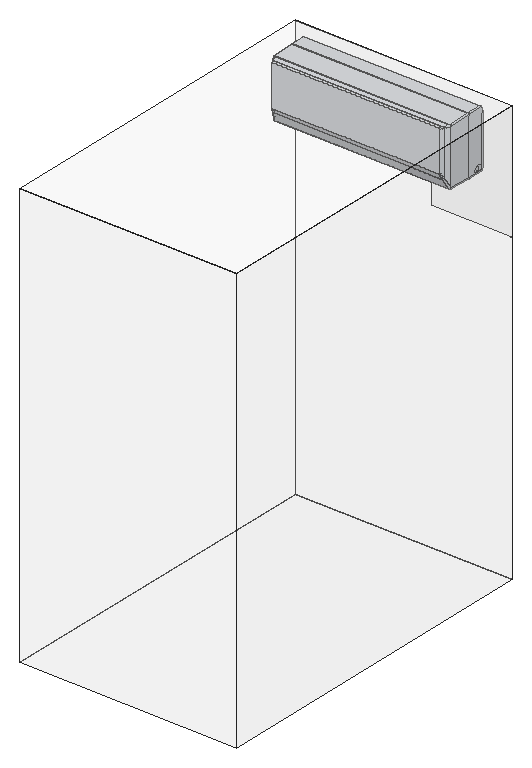
Revit family "pk-rp28_112laka18_50hz", category 機械設備, Revit 2019
Family settings
  丸型コネクタ寸法 = 直径を使用
  パーツ タイプ = 標準
  OmniClass 番号 = 23.75.10.24.21.27.27
  OmniClass タイトル = Split System Air Conditioning Units
  作業面ベース = いいえ
  常に垂直 = はい
  ロード時にボイドで切り取り = いいえ
  共有 = いいえ
  部屋計算ポイント = はい
Parameters (values of type "壁掛_PK-RP28LA2")
  風量_静 (m3/min) = 6.3
  風量_強 (m3/min) = 8.7
  風量_弱 (m3/min) = 7.3
  風量_中 (m3/min) = 8
  風量 = MAX風量  # 522.0 m³/h
  音響パワーレベル（静）(dB) = 45
  音響パワーレベル（弱）(dB) = 48
  音響パワーレベル（中）(dB) = 50
  音響パワーレベル(dB) = 52
  電源種別 = ""
  電源_H = 0 mm
  電圧_電気ヒーター = 0 V
  電圧 = 200 V
  電動機出力_送風機 = 0.03 kW
  運転質量 = 0.00 kg
  連動 = ""
  質量 = if(製品質量 > 運転質量, 製品質量, 運転質量) * 1.2  # 15.00 kg
  負荷分類 = 3_ファン類
  構成品番 = "PK-RP28LA"
  壁掛_PK-RP80_112KA17 = no
  壁掛_PK-RP56_71KA17 = no
  壁掛_PK-RP40_50LA = yes
  冷媒液管位置-Z = 280 mm
  冷媒液管位置-Y = 23 mm
  冷媒液管位置-X = 711 mm
  冷媒ガス管位置-Z = 268 mm
  冷媒ガス管位置-Y = 23 mm
  冷媒ガス管位置-X = 642 mm
  ドレン管径 (外径) = 22 mm
  ドレン位置-Z = 274 mm
  ドレン位置-Y = 37 mm
  ドレン位置-X = 660 mm
  サービススペース PK-RP56KA～PK-RP71KA = no
  サービススペース PK-RP40LA～PK-RP50LA / PK-RP80KA～PK-RP112KA = yes
  URL = "https://www.mitsubishielectric.co.jp/ldg/wink/ssl/displayProduct.do?pid=323474"
  Space Top = 50 mm
  Space Right_1 = 260 mm
  Space Right = 150 mm
  Space Left = 50 mm
  Space Bot_2 = 250 mm
  Space Bot_1 = 7 mm
  MIN２風量 = [風量_静 (m3/min)] * 60.0 m³/h  # 378.0 m³/h
  MIN風量 = [風量_弱 (m3/min)] * 60.0 m³/h  # 438.0 m³/h
  MID風量 = [風量_中 (m3/min)] * 60.0 m³/h  # 480.0 m³/h
  MAX風量 = [風量_強 (m3/min)] * 60.0 m³/h  # 522.0 m³/h
  説明 = "店舗・事務所用パッケージエアコン(Mr.SLIM) 壁掛形<ワイヤード>"
  設計暖房能力 = 0.00 kW
  設計冷房能力_顕熱 = 0 kW
  設計冷房能力 = 0 kW
  設置方法 = "壁掛形"
  記号 = ""
  製造元 = "三菱電機株式会社"
  製品質量 = 12.50 kg
  製品出荷対象 = "国内"
  製品リリース年月 = "2022/10/11"
  製品グループ = ""
  系統 = ""
  符号 = "PAC_WR"
  積算_科目 = "1 空気調和設備"
  積算_拾い区分 [instance] = ""
  相 = 1
  盤記号 = ""
  発停方法 = "付属スイッチ"
  特殊仕様 = ""
  火災停止 = ""
  消費電力_電気ヒーター = 0.00 kW
  消費電力_暖房 = 0.02 kW
  消費電力_加湿器 = 0.00 kW
  消費電力_冷房 = 0.03 kW
  消費電力 = if(消費電力_冷房 > 消費電力_暖房, 消費電力_冷房, 消費電力_暖房) + 消費電力_加湿器 + 消費電力_電気ヒーター  # 0.03 kW
  法定耐用年数 = "6"
  極数 = 1
  材質 = ""
  本体マテリアル = none
  有効加湿量 = 0
  暖房能力 = 2.80 kW
  推奨ブレーカー容量 = 0 A
  形式_加湿器 = ""
  形式 = "壁掛（露出）形"
  幹線記号 = ""
  始動方式 = "直入"
  呼称 = "室内機_壁掛（露出）形"
  周波数 = 50 Hz
  吊り位置Y = 0 mm
  吊り位置X = 0 mm
  吊りボルト_H = 0 mm
  台数_手元リモコン = ""
  台数_冷媒分岐ユニット = ""
  参照している仕様書等のバージョン = "公共建築工事標準仕様書（機械設備工事編）平成31年度版"
  加湿給水管径 = 0.00 mm
  分類コード = "50053003123070"
  分類グループ = ""
  冷房能力 = 2.5 kW
  冷媒高低圧ガス管径 = 0.00 mm
  冷媒管径符号 = "Ac"
  冷媒管径 = 100.00 mm
  冷媒液管径 = 6.35 mm
  冷媒ガス管径 = 12.70 mm
  企業コード = "108420"
  付属品_フィルター = ""
  付属品 = ""
  仕様書バージョン = "Version1.0"
  Model = ""
  パネルマテリアル = none
  ドレン管径 = 16.00 mm
  サービススペース = yes
  コメント [instance] = ""
  ケーブル種類 = ""
  ケーブルサイズ = 0 mm
  Width = 898 mm
  Uniclass2015Version = "Systems v1.9"
  Uniclass2015Title = "Split coil remote air cooled condensing units"
  Uniclass2015Code = "Pr_70_65_03_84"
  SpecificationReference = ""
  SpecificationDescription = ""
  S_H = 356 mm
  Revision = ""
  ProductInformation = ""
  OmniClassCode = "23-33 17 13 11"
  IfcTypeProduct = ""
  IfcProduct = ""
  IfcExportType = "AIRCONDITIONINGUNIT"
  IfcExportAs = "IfcUnitaryEquipmentType"
  Height = 299 mm
  Depth = 237 mm
  価格 = 212000
  Clearance Top = 50 mm
  Clearance Right = 150 mm
  Clearance Left = 50 mm
  Clearance Front = 1500 mm
  Clearance Bottom = 1800 mm
  Clearance Back = 0 mm
  Author = "三菱電機株式会社"
Reference planes
  plane 1 "中心(正面/背面)": y = 0
  plane 2: z = 11
  plane 3 "中心(左/右)": x = 0
  plane 4: x = -449
  plane 5: x = 449
  plane 6: z = -288
  plane 7: y = -242
  plane 8: y = -5
  plane 9: x = -211
  plane 10: x = -193
  plane 11: x = -262
  plane 12: y = -28
  plane 13: y = -28
  plane 14: y = -42
  plane 15: z = -269
  plane 16: z = -257
  plane 17: z = -263
  plane 18: z = 61
  plane 19: x = -499
  plane 20: x = 599
  plane 21: z = -295
  plane 22: z = -538
  plane 23: x = 189
  plane 24: y = -1742
  plane 25: z = -2088
  plane 26: x = -499
  plane 27: x = 599
  plane 28: y = -28
Forms (mm)
  Extrusion 1, solid, detail levels fine
    sketch origin (-88.875, 0, -1713) x (-1, 0, 0) y (0, 0, 1)
      loop
        line (-487.875, 1574) -> (-487.875, 1549) -> (-462.875, 1549) -> (-462.875, 1574) -> (-487.875, 1574)
    from -1 to 0
  Extrusion 2, solid, detail levels fine
    sketch origin (0, 0, 0) x (0, 1, 0) y (0, 0, 1)
      loop
        circle (-42, -263) r 11
    from 444 to 449
  Extrusion 3, solid, detail levels fine
    sketch origin (0, 0, 0) x (0, 1, 0) y (0, 0, 1)
      loop
        circle (-28, -263) r 15
    from 444 to 449
Dimensions and locks
  equal spacing: plane 5, plane 3 "中心(左/右)", plane 4
  "Width": plane 5 to plane 4
  "Height": level to plane 6
  locked: plane 8 to plane 1 "中心(正面/背面)" at 5
  "Depth": plane 7 to plane 8
  "ドレン位置-X": plane 5 to plane 9
  "冷媒ガス管位置-X": plane 5 to plane 10
  "冷媒液管位置-X": plane 5 to plane 11
  "ドレン位置-Y": plane 14 to plane 8
  "冷媒ガス管位置-Y": plane 13 to plane 8
  "冷媒液管位置-Y": plane 12 to plane 8
  "ドレン位置-Z": level to plane 17
  "冷媒ガス管位置-Z": level to plane 16
  "冷媒液管位置-Z": level to plane 15
  "Space Top": plane 18 to level
  "Space Left": plane 4 to plane 19
  "Space Right": plane 20 to plane 5
  "Space Bot_1": plane 6 to plane 21
  "Space Bot_2": plane 6 to plane 22
  "Space Right_1": plane 5 to plane 23
  equal spacing: plane 16, Extrusion 3 sketch curve, plane 15
  equal spacing: plane 12, Extrusion 3 sketch curve, plane 13
  locked: plane 5 to Extrusion 3 at 5
  "Clearance Front": plane 24 to plane 7
  "Clearance Bottom": plane 6 to plane 25
  "Clearance Left": plane 4 to plane 26
  "Clearance Right": plane 27 to plane 5
  plane 5 to Extrusion 1 sketch curve = 50 mm
  nested 3 to Extrusion 1 sketch curve = 150 mm
  "Clearance Top": nested 4 to plane 2
  "ドレン管径 (外径)": diameter of Extrusion 2 sketch curve
  aligned and locked: level to plane 2
  aligned and locked: plane 1 "中心(正面/背面)" to nested 1
  aligned and locked: plane 1 "中心(正面/背面)" to nested 2
  aligned and locked: plane 1 "中心(正面/背面)" to nested 3
  aligned and locked: level to nested 1
  aligned and locked: level to nested 3
  aligned and locked: plane 3 "中心(左/右)" to nested 2
  aligned and locked: plane 3 "中心(左/右)" to nested 1
  aligned and locked: plane 3 "中心(左/右)" to nested 3
  aligned and locked: plane 14 to Extrusion 2 sketch curve
  aligned and locked: plane 17 to Extrusion 2 sketch curve
  aligned and locked: plane 5 to Extrusion 3
  aligned and locked: plane 5 to Extrusion 2
  aligned and locked: Extrusion 3 to Extrusion 2
  aligned and locked: plane 1 "中心(正面/背面)" to nested 4
  aligned and locked: plane 24 to nested 4
  aligned and locked: plane 25 to nested 4
  aligned and locked: plane 26 to nested 4
  aligned and locked: plane 27 to nested 4
  aligned and locked: plane 18 to nested 4
  aligned and locked: plane 1 "中心(正面/背面)" to nested 5
  aligned and locked: plane 3 "中心(左/右)" to nested 5
  aligned and locked: plane 2 to nested 3
Automatic sketch dimensions
  Extrusion 1 sketch curve to plane 5 = 75 mm
  Extrusion 1 sketch curve to Extrusion 1 sketch curve = 25 mm
  radius of Extrusion 3 sketch curve = 15 mm
Nested families
  nested 1: "pk-rp40_50(la)ka17" at (0, 0, 10), type "壁掛_PK-RP40_50LA", detail levels fine
  nested 2: "pk-rp56_71(la)ka17" at (0, 0, 11), type "壁掛_PK-RP56_71KA17"
    with 壁掛_PK-RP56-71KA17 no
  nested 3: "pk-rp80_112(la)ka17" at (0, 0, 11), type "壁掛_PK-RP80_112KA17"
    with 壁掛_PK-RP80_112KA17 no, 冷媒液管径 6.35 mm, 冷媒ガス管径 12.70 mm
  nested 4: "サービススペース" at (50, -871, -1013.5), visible <- "サービススペース", type "サービススペース"
    with Width 1098 mm, Height 2149 mm, Depth 1742 mm
  nested 5: "Space View" at (0, 0, 11), Bot_1 <- "Space Bot_1", Bot_2 <- "Space Bot_2", Hight <- "Height", Left <- "Space Left", Right <- "Space Right", Right_1 <- "Space Right_1", Top <- "Space Top", Width <- "Width", Space View <- "サービススペース PK-RP40LA～PK-RP50LA / PK-RP80KA～PK-RP112KA", type "Space View"
    with Width 898 mm, Top 50 mm, Space View yes, Right_1 260 mm, Right 150 mm, Left 50 mm, Hight 299 mm, Bot_2 250 mm, Bot_1 7 mm
Connectors
  piping at (449, -42, -263), diameter 22, driven by "ドレン管径 (外径)"
    settings: on Extrusion 2, index 1, connector inside diameter 609.60 mm, connector length 0 mm, flow factor 0, pipe flow 0.0 L/s, pressure drop 0.0 Pa, fitting loss kfactor 0, connector angle 0.00°, fixture units 0, engagement length 0 mm, angle of deflection 0.00°, flow configuration 1, flow direction 2, fitting loss method 4, system type 16, joint type 0, gender type 0, connector reference index -1, connector utility 0, adjustable connector no, is connector primary yes, connector description ""
  piping at (449, -28, -263), diameter 100, driven by "冷媒管径", driven by "冷媒管径符号"
    settings: on Extrusion 3, index 2, connector inside diameter 609.60 mm, connector length 0 mm, flow factor 0, pipe flow 0.0 L/s, pressure drop 0.0 Pa, fitting loss kfactor 0, connector angle 0.00°, fixture units 0, engagement length 0 mm, angle of deflection 0.00°, flow configuration 1, flow direction 1, fitting loss method 4, system type 7, joint type 0, gender type 0, connector reference index -1, connector utility 0, adjustable connector no, is connector primary no, connector description "Ac"
  electrical at (386.5, 0, -151.5), driven by "極数", driven by "負荷分類", driven by "電圧", driven by "消費電力"
    settings: on Extrusion 1, index 3, voltage 200 V, apparent load 30 VA, apparent load phase1 0 VA, apparent load phase2 0 VA, apparent load phase3 0 VA, power factor 1, load classification "3_ファン類", number of poles 1, system type 30, power factor state 1, is connector primary yes, connector utility no, sub classification motor no, connector description ""
Definition of nested family "pk-rp40_50(la)ka17"
  Parameters (values of type "壁掛_PK-RP40_50LA")
    壁掛_PK-RP40_50LA = yes
    冷媒液管位置-Y = 37 mm
    冷媒液管位置-X = 711 mm
    冷媒ガス管位置-Y = 23 mm
    冷媒ガス管位置-X = 642 mm
    ドレン管径 (外径) = 22 mm
    ドレン位置-Y = 23 mm
    ドレン位置-X = 660 mm
    URL = ""
    Description = ""
    Manufacturer = ""
    冷媒管径符号 = "Ac"
    冷媒管径 = 100.00 mm
    冷媒液管位置-Z = 280 mm
    冷媒液管径 = 6.35 mm
    冷媒ガス管位置-Z = 268 mm
    冷媒ガス管径 = 12.70 mm
    Model = ""
    ドレン位置-Z = 274 mm
    ドレン管径 = 16.00 mm
    Width = 898 mm
    S_H = 356 mm
    Height = 299 mm
    Depth = 237 mm
    Cost = 0
  Reference planes
    plane 1 "中心(正面/背面)": y = 0
    plane 2: z = 1
    plane 3 "中心(左/右)": x = 0
    plane 4 "UNDER": z = -298
    plane 5 "Left": x = -449
    plane 6: x = 449
    plane 7 "Fkidasi_L": x = -400
    plane 8 "Fkidasi_X": x = -262
    plane 9 "Fkidasi_Y": x = -193
    plane 10: y = -5
    plane 11: y = -42
    plane 12: y = -242
    plane 13: z = -279
    plane 14: z = -267
    plane 15: z = -273
    plane 16: y = -28
    plane 17: y = -28
    plane 18: x = -211
    plane 19: z = 1
    plane 20: x = 0
    plane 21: x = 0
  Forms (mm)
    Extrusion 1, void, detail levels fine
      sketch origin (0, 75, -2499) x (0, -1, 0) y (0, 0, 1)
        loop
          line (89, 2500) -> (80, 2500) -> (80, 2487) -> (89, 2500)
      from 449 to -449
    Extrusion 2, solid, visible <- "壁掛_PK-RP40_50LA", detail levels fine
      sketch origin (0, 0, -2509.072) x (-1, 0, 0) y (0, 0, 1)
        loop
          line (449, 2485.072) -> (-449, 2485.072) -> (-449, 2224.072) -> (449, 2224.072) -> (449, 2485.072)
      from 0 to -5
    Extrusion 3, solid, visible <- "壁掛_PK-RP40_50LA", detail levels fine
      sketch origin (0, -5, -2499) x (0, 0, -1) y (-1, 0, 0)
        loop
          line (-2500, 444) -> (-2500, -444)
          arc (-2500, -444) -> (-2498.536, -447.536) -> (-2495, -449) r 5
          line (-2495, -449) -> (-2206, -449)
          arc (-2206, -449) -> (-2202.464, -447.536) -> (-2201, -444) r 5
          line (-2201, -444) -> (-2201, 444)
          arc (-2201, 444) -> (-2202.464, 447.536) -> (-2206, 449) r 5
          line (-2206, 449) -> (-2495, 449)
          arc (-2495, 449) -> (-2498.536, 447.536) -> (-2500, 444) r 5
      from 0 to -83
    Blend 4, solid, visible <- "壁掛_PK-RP40_50LA"
      base sketch origin (0, -202, -1799) x (0, 0, 1) y (1, 0, 0)
        loop
          line (1796, -444) -> (1796, 444)
          arc (1796, 444) -> (1794.536, 447.536) -> (1791, 449) r 5
          line (1791, 449) -> (1515, 449)
          arc (1515, 449) -> (1508.636, 446.364) -> (1506, 440) r 9
          line (1506, 440) -> (1506, -440)
          arc (1506, -440) -> (1508.636, -446.364) -> (1515, -449) r 9
          line (1515, -449) -> (1791, -449)
          arc (1791, -449) -> (1794.536, -447.536) -> (1796, -444) r 5
      top sketch origin (0, -202, -1799) x (0, 0, 1) y (1, 0, 0)
        loop
          line (1793, -427) -> (1793, 427)
          arc (1793, 427) -> (1791.536, 430.536) -> (1788, 432) r 5
          line (1788, 432) -> (1559, 432)
          arc (1559, 432) -> (1555.464, 430.536) -> (1554, 427) r 5
          line (1554, 427) -> (1554, -427)
          arc (1554, -427) -> (1555.464, -430.536) -> (1559, -432) r 5
          line (1559, -432) -> (1788, -432)
          arc (1788, -432) -> (1791.536, -430.536) -> (1793, -427) r 5
      from 0 to -25
    Blend 5, solid, visible <- "壁掛_PK-RP40_50LA", detail levels fine
      base sketch origin (0, -227, -1799) x (0, 0, 1) y (1, 0, 0)
        loop
          arc (1793, 427) -> (1791.536, 430.536) -> (1788, 432) r 5
          line (1788, 432) -> (1559, 432)
          arc (1559, 432) -> (1555.464, 430.536) -> (1554, 427) r 5
          line (1554, 427) -> (1554, -427)
          arc (1554, -427) -> (1555.464, -430.536) -> (1559, -432) r 5
          line (1559, -432) -> (1788, -432)
          arc (1788, -432) -> (1791.536, -430.536) -> (1793, -427) r 5
          line (1793, -427) -> (1793, 427)
      top sketch origin (0, -227, -1799) x (0, 0, 1) y (1, 0, 0)
        loop
          line (1793, -419) -> (1793, 419)
          arc (1793, 419) -> (1791.536, 422.536) -> (1788, 424) r 5
          line (1788, 424) -> (1590, 424)
          arc (1590, 424) -> (1586.464, 422.536) -> (1585, 419) r 5
          line (1585, 419) -> (1585, -419)
          arc (1585, -419) -> (1586.464, -422.536) -> (1590, -424) r 5
          line (1590, -424) -> (1788, -424)
          arc (1788, -424) -> (1791.536, -422.536) -> (1793, -419) r 5
      from 0 to -15
    Blend 6, solid, visible <- "壁掛_PK-RP40_50LA", detail levels fine
      base sketch origin (62.5, -88, -1799) x (0, 0, 1) y (1, 0, 0)
        loop
          arc (1800, 381.5) -> (1798.536, 385.036) -> (1795, 386.5) r 5
          line (1795, 386.5) -> (1506, 386.5)
          arc (1506, 386.5) -> (1502.464, 385.036) -> (1501, 381.5) r 5
          line (1501, 381.5) -> (1501, -506.5)
          arc (1501, -506.5) -> (1502.464, -510.036) -> (1506, -511.5) r 5
          line (1506, -511.5) -> (1795, -511.5)
          arc (1795, -511.5) -> (1798.536, -510.036) -> (1800, -506.5) r 5
          line (1800, -506.5) -> (1800, 381.5)
      top sketch origin (62.5, -88, -1799) x (0, 0, 1) y (1, 0, 0)
        loop
          line (1796, -506.5) -> (1796, 381.5)
          arc (1796, 381.5) -> (1794.536, 385.036) -> (1791, 386.5) r 5
          line (1791, 386.5) -> (1511, 386.5)
          arc (1511, 386.5) -> (1507.464, 385.036) -> (1506, 381.5) r 5
          line (1506, 381.5) -> (1506, -502.5)
          arc (1506, -502.5) -> (1508.636, -508.864) -> (1515, -511.5) r 9
          line (1515, -511.5) -> (1791, -511.5)
          arc (1791, -511.5) -> (1794.536, -510.036) -> (1796, -506.5) r 5
      from 0 to -114
    Sweep 7, solid, visible <- "壁掛_PK-RP40_50LA", detail levels fine
      path origin (0, 75, -1799) x (-1, 0, 0) y (0, 0, 1)
        loop
          line (262, 1521) -> (-271, 1521)
      profile origin (4.5, 75, -278) x (0, 0, -1) y (0, 1, 0)
        loop
          circle (1, -103) r 3.175
    Sweep 8, solid, visible <- "壁掛_PK-RP40_50LA", detail levels fine
      path origin (0, 75, -1799) x (-1, 0, 0) y (0, 0, 1)
        loop
          line (-257, 1533) -> (193, 1533)
      profile origin (32, 75, -266) x (0, 0, 1) y (0, 1, 0)
        loop
          circle (-1, -103) r 6.35
    Sweep 9, solid, visible <- "壁掛_PK-RP40_50LA", detail levels fine
      path origin (0, 75, -1799) x (-1, 0, 0) y (0, 0, 1)
        loop
          line (211, 1527) -> (-289, 1527)
      profile origin (39, 75, -272) x (0, 0, -1) y (0, 1, 0)
        loop
          circle (1, -117) r 11
  Cuts and joins
    Extrusion 1 cuts Extrusion 3
  Lines and regions (mm)
    model lines, visible <- "壁掛_PK-RP40_50LA", detail levels fine
      curve 1: line (274, -5, -298) -> (274, -54, -298)
      curve 2: line (292, -72, -298) -> (331, -72, -298)
      curve 3: line (349, -54, -298) -> (349, -5, -298)
      curve 4: line (324, -54, -298) -> (324, -5, -298)
      curve 5: arc (292, -72, -298) -> (279.272, -66.728, -298) -> (274, -54, -298) r 18
      curve 6: arc (306, -72, -298) -> (318.728, -66.728, -298) -> (324, -54, -298) r 18
      curve 7: arc (331, -72, -298) -> (343.728, -66.728, -298) -> (349, -54, -298) r 18
      curve 8: line (-430, -5, -298) -> (-430, -54, -298)
      curve 9: line (-412, -72, -298) -> (-378, -72, -298)
      curve 10: line (-360, -54, -298) -> (-360, -5, -298)
      curve 11: line (-399.073, -53.123, -298) -> (-399.073, -5, -298)
      curve 12: arc (-412, -72, -298) -> (-424.728, -66.728, -298) -> (-430, -54, -298) r 18
      curve 13: arc (-399.073, -53.123, -298) -> (-394.55, -65.481, -298) -> (-383.118, -72, -298) r 19.145
      curve 14: arc (-360, -54, -298) -> (-365.272, -66.728, -298) -> (-378, -72, -298) r 18
      curve 15: line (366.5, -202, -293) -> (366.5, -208.929, -279.696)
      curve 16: line (366.5, -208.929, -279.696) -> (326.5, -208.929, -279.696)
      curve 17: line (326.5, -208.929, -279.696) -> (326.5, -202, -293)
      curve 18: line (326.5, -202, -293) -> (326.5, -188.513, -293.592)
      curve 19: line (326.5, -188.513, -293.592) -> (366.5, -188.513, -293.592)
      curve 20: line (366.5, -188.513, -293.592) -> (366.5, -202, -293)
      curve 21: line (449, -5, -229) -> (449, -52, -229)
      curve 22: line (449, -70, -247) -> (449, -70, -270)
      curve 23: line (449, -52, -288) -> (449, -5, -288)
      curve 24: line (449, -49.143, -241) -> (449, -5, -241)
      curve 25: arc (449, -52, -288) -> (449, -64.728, -282.728) -> (449, -70, -270) r 18
      curve 26: arc (449, -52, -229) -> (449, -64.728, -234.272) -> (449, -70, -247) r 18
      curve 27: arc (449, -70, -261.857) -> (449, -63.891, -247.109) -> (449, -49.143, -241) r 20.857
      curve 28: line (-449, -5, -288) -> (-449, -52, -288)
      curve 29: line (-449, -70, -270) -> (-449, -70, -236)
      curve 30: line (-449, -52, -218) -> (-449, -5, -218)
      curve 31: line (-449, -5, -238) -> (-449, -52, -238)
      curve 32: arc (-449, -52, -288) -> (-449, -64.728, -282.728) -> (-449, -70, -270) r 18
      curve 33: arc (-449, -70, -236) -> (-449, -64.728, -223.272) -> (-449, -52, -218) r 18
      curve 34: arc (-449, -70, -256) -> (-449, -64.728, -243.272) -> (-449, -52, -238) r 18
      curve 35: line (-400, -227, -245) -> (-400, -202, -293)
      curve 36: line (250, -227, -245) -> (250, -202, -293)
      curve 37: line (250, -202, -293) -> (250, -88, -298)
      curve 38: line (-400, -200.122, -293.082) -> (-400, -88, -298)
  Dimensions and locks
    "Width": plane 5 "Left" to plane 6
    plane 5 "Left" to plane 3 "中心(左/右)" to plane 6 = 449 mm, 449 mm
    equal spacing: plane 5 "Left", plane 3 "中心(左/右)", plane 6
    "Depth": plane 10 to plane 12
    "ドレン位置-Z": level to plane 15
    "冷媒ガス管位置-Z": level to plane 14
    "冷媒液管位置-Z": level to plane 13
    "Height": level to plane 4 "UNDER"
    "ドレン位置-Y": plane 10 to plane 17
    "冷媒ガス管位置-Y": plane 10 to plane 16
    "冷媒液管位置-Y": plane 10 to plane 11
    "冷媒液管位置-X": plane 6 to plane 8 "Fkidasi_X"
    "冷媒ガス管位置-X": plane 6 to plane 9 "Fkidasi_Y"
    "ドレン位置-X": plane 6 to plane 18
    locked: plane 10 to plane 1 "中心(正面/背面)" at 5
    "冷媒液管径": diameter of Sweep 7 sketch curve
    "冷媒ガス管径": diameter of Sweep 8 sketch curve
    "ドレン管径 (外径)": diameter of Sweep 9 sketch curve
    aligned and locked: level to plane 2
    aligned and locked: Sweep 8 to plane 9 "Fkidasi_Y"  (x2)
    aligned and locked: Sweep 7 to plane 8 "Fkidasi_X"
    aligned and locked: plane 12 to Blend 5
    aligned and locked: plane 15 to Sweep 9 sketch curve
    aligned and locked: plane 14 to Sweep 8 sketch curve
    aligned and locked: plane 13 to Sweep 7 sketch curve
    aligned and locked: plane 17 to Sweep 7 sketch curve
    aligned and locked: plane 16 to Sweep 8 sketch curve
    aligned and locked: plane 11 to Sweep 9 sketch curve
    aligned and locked: plane 20 to plane 3 "中心(左/右)"
    aligned and locked: plane 21 to plane 20
  Automatic sketch dimensions
    Extrusion 1 sketch curve to plane 10 = 0 mm
    Extrusion 1 sketch curve to plane 10 = 9 mm
    Extrusion 2 sketch curve to plane 6 = 0 mm
    plane 5 "Left" to Extrusion 2 sketch curve = 0 mm
    Extrusion 2 sketch curve to level = 286 mm
    Extrusion 3 sketch curve to plane 6 = 0 mm
    plane 5 "Left" to Extrusion 3 sketch curve = 0 mm
    Extrusion 3 sketch curve to level = 299 mm
    Extrusion 3 sketch curve to level = 294 mm  (x2)
    plane 5 "Left" to Blend 4 sketch curve = 0 mm
    Blend 4 sketch curve to plane 6 = 0 mm
    Blend 4 sketch curve to level = 294 mm
    Blend 4 sketch curve to Blend 4 sketch curve = 9 mm  (x2)
    Blend 4 sketch curve to plane 6 = 5 mm
    Blend 4 sketch curve to plane 6 = 22 mm
    Blend 4 sketch curve to level = 246 mm
    Blend 4 sketch curve to Blend 4 sketch curve = 5 mm  (x4)
    Blend 4 sketch curve to plane 5 "Left" = 22 mm
    Blend 5 sketch curve to level = 246 mm
    Blend 5 sketch curve to Blend 5 sketch curve = 5 mm  (x7)
    Blend 5 sketch curve to plane 5 "Left" = 17 mm
    Blend 5 sketch curve to plane 6 = 22 mm
    Blend 5 sketch curve to plane 7 "Fkidasi_L" = 19 mm
    Blend 5 sketch curve to level = 215 mm
    Blend 5 sketch curve to plane 6 = 30 mm
    Blend 6 sketch curve to level = 299 mm
    Blend 6 sketch curve to plane 6 = 0 mm  (x2)
    plane 5 "Left" to Blend 6 sketch curve = 0 mm  (x2)
    Blend 6 sketch curve to level = 294 mm  (x3)
    Blend 6 sketch curve to plane 6 = 5 mm  (x2)
    Blend 6 sketch curve to Blend 6 sketch curve = 9 mm
    curve 11 to Extrusion 3 = 0 mm
    curve 1 to Extrusion 3 = 0 mm
    curve 8 to Extrusion 3 = 0 mm
    curve 4 to Extrusion 3 = 0 mm
    curve 3 to Extrusion 3 = 0 mm
    curve 10 to Extrusion 3 = 0 mm
    curve 13 to Extrusion 3 = 34.877 mm
    curve 12 to curve 13 = 0.877 mm
    curve 10 to curve 13 = 0.877 mm
    curve 3 to Extrusion 3 = 34 mm
    curve 4 to curve 7 = 0 mm
    curve 9 to Extrusion 3 = 16 mm
    curve 2 to Extrusion 3 = 16 mm
    Extrusion 3 to curve 3 = 95 mm
    curve 7 to curve 4 = 7 mm
    curve 6 to curve 2 = 14 mm
    Extrusion 3 to curve 10 = 84 mm
    curve 14 to curve 13 = 1.927 mm
    curve 13 to curve 11 = 19.145 mm
    curve 13 to curve 12 = 12.927 mm
    curve 35 to Blend 4 = 0 mm
    Blend 4 to curve 35 = 0 mm
    Blend 4 to curve 36 = 0 mm
    curve 36 to Blend 4 = 0 mm
    curve 17 to Blend 4 = 0 mm
    curve 15 to Blend 4 = 0 mm
    Blend 4 to curve 17 = 15 mm
    curve 17 to Blend 4 = 106.857 mm
    curve 16 to curve 15 = 40 mm
    curve 36 to curve 17 = 76.5 mm
    curve 35 to curve 36 = 650 mm
    curve 38 to Blend 6 = 0 mm
    curve 37 to Blend 6 = 0 mm
    Blend 6 to curve 37 = 0 mm
    Blend 6 to curve 18 = 0 mm
    Blend 6 to curve 20 = 0 mm
    Blend 6 to curve 19 = 13.5 mm
    curve 19 to Blend 6 = 117.5 mm
    curve 18 to curve 19 = 40 mm
    curve 37 to curve 18 = 76.5 mm
    curve 38 to curve 37 = 650 mm
    Blend 6 to curve 38 = 1.879 mm
    curve 21 to Extrusion 3 = 0 mm
    curve 24 to Extrusion 3 = 0 mm
    curve 23 to Extrusion 3 = 0 mm
    curve 21 to curve 24 = 12 mm
    Extrusion 3 to curve 22 = 18 mm
    curve 24 to curve 22 = 6 mm
    curve 26 to curve 27 = 14.857 mm
    curve 27 to curve 25 = 8.143 mm
    curve 23 to Extrusion 3 = 5 mm
    curve 28 to Extrusion 3 = 0 mm
    curve 31 to Extrusion 3 = 0 mm
    curve 30 to Extrusion 3 = 0 mm
    curve 28 to Extrusion 3 = 5 mm
    curve 29 to Extrusion 3 = 23 mm
    curve 32 to curve 34 = 14 mm
    curve 34 to curve 31 = 18 mm
    curve 34 to curve 33 = 2 mm
    curve 33 to curve 30 = 18 mm
    Extrusion 3 to curve 32 = 36 mm
    Sweep 7 sketch curve to plane 8 "Fkidasi_X" = 0 mm
    Sweep 8 sketch curve to plane 9 "Fkidasi_Y" = 0 mm
    Sweep 9 sketch curve to plane 9 "Fkidasi_Y" = 18 mm
    Extrusion 1 sketch curve to level = 13 mm
    Extrusion 1 sketch curve to level = 0 mm
    Extrusion 2 sketch curve to level = 25 mm
    Extrusion 3 sketch curve to level = 5 mm  (x2)
    Extrusion 3 sketch curve to level = 0 mm
    Blend 4 sketch curve to level = 9 mm  (x2)
    Blend 4 sketch curve to level = 12 mm
    Blend 5 sketch curve to level = 12 mm  (x3)
    Blend 6 sketch curve to level = 5 mm  (x2)
    Blend 6 sketch curve to level = 0 mm
    Blend 6 sketch curve to level = 9 mm  (x2)
    plane 13 to Sweep 7 sketch curve = 1 mm
    plane 14 to Sweep 8 sketch curve = 1 mm
    plane 15 to Sweep 9 sketch curve = 1 mm
    curve 5 to curve 6 = 0 mm
    Sweep 7 sketch curve to plane 6 = 178 mm
    Sweep 8 sketch curve to plane 6 = 192 mm
    Sweep 9 sketch curve to plane 6 = 160 mm
    curve 22 to Extrusion 3 = 23 mm
Definition of nested family "サービススペース"
  Parameters (values of type "サービススペース")
    Width [instance] = 500 mm
    Height [instance] = 500 mm
    Depth [instance] = 500 mm
  Reference planes
    plane 1 "中心(正面/背面)": y = 0
    plane 2: z = 0
    plane 3 "中心(左/右)": x = 0
    plane 4: y = -250
    plane 5: x = 250
    plane 6: y = 250
    plane 7: x = -250
    plane 8: z = 250
    plane 9: z = -250
  Forms (mm)
    Extrusion 1, solid
      sketch origin (-638.939, 0, 72.39) x (1, 0, 0) y (0, 1, 0)
        loop
          line (388.939, 250) -> (388.939, -250) -> (888.939, -250) -> (888.939, 250) -> (388.939, 250)
      from -322.39 to 177.61
  Lines and regions (mm)
    symbolic lines
      curve 1: line (-250, 0, 250) -> (250, 0, 250)
      curve 2: line (-250, 0, -250) -> (-250, 0, 250)
      curve 3: line (250, 0, -250) -> (-250, 0, -250)
      curve 4: line (250, 0, 250) -> (250, 0, -250)
      curve 5: line (0, -250, 250) -> (0, 250, 250)
      curve 6: line (0, -250, -250) -> (0, -250, 250)
      curve 7: line (0, 250, -250) -> (0, -250, -250)
      curve 8: line (0, 250, 250) -> (0, 250, -250)
      curve 9: line (-250, 250, 0) -> (250, 250, 0)
      curve 10: line (-250, -250, 0) -> (-250, 250, 0)
      curve 11: line (250, -250, 0) -> (-250, -250, 0)
      curve 12: line (250, 250, 0) -> (250, -250, 0)
  Dimensions and locks
    equal spacing: plane 7, plane 3 "中心(左/右)", plane 5
    equal spacing: plane 4, plane 1 "中心(正面/背面)", plane 6
    "Depth": plane 4 to plane 6
    "Width": plane 7 to plane 5
    equal spacing: plane 8, plane 2, plane 9
    "Height": plane 8 to plane 9
    aligned and locked: plane 9 to curve 3
    aligned and locked: plane 7 to curve 2
    aligned and locked: curve 4 to plane 5
    aligned and locked: plane 5 to Extrusion 1
    aligned and locked: Extrusion 1 to plane 7
    aligned and locked: Extrusion 1 to plane 9
    aligned and locked: plane 8 to Extrusion 1
    aligned and locked: plane 9 to curve 7
  Automatic sketch dimensions
    plane 4 to Extrusion 1 sketch curve = 0 mm
    Extrusion 1 sketch curve to plane 7 = 0 mm
    Extrusion 1 sketch curve to plane 5 = 0 mm
    plane 6 to Extrusion 1 sketch curve = 0 mm
    curve 2 to plane 8 = 0 mm
    plane 4 to curve 11 = 0 mm
    curve 11 to plane 7 = 0 mm
    curve 11 to plane 5 = 0 mm
    plane 6 to curve 10 = 0 mm
    curve 7 to plane 4 = 0 mm
    curve 7 to plane 6 = 0 mm
    curve 6 to plane 8 = 0 mm
Definition of nested family "Space View"
  Parameters (values of type "Space View")
    Width [instance] = 898 mm
    Top [instance] = 50 mm
    Space View [instance] = yes
    Right_1 [instance] = 260 mm
    Right [instance] = 150 mm
    Left [instance] = 50 mm
    Hight [instance] = 299 mm
    Bot_2 [instance] = 250 mm
    Bot_1 [instance] = 7 mm
  Reference planes
    plane 1 "Center (Front/Back)": y = 0
    plane 2: z = 0
    plane 3 "Center (Left/Right)": x = 0
    plane 4: x = -499
    plane 5: z = 50
    plane 6: x = 599
    plane 7: z = -306
    plane 8: z = -549
    plane 9: x = -449
    plane 10: x = 449
    plane 11: z = -299
    plane 12: x = 189
  Forms (mm)
    Extrusion 1, solid, visible <- "Space View"
      sketch origin (0, 0, -1800) x (-1, 0, 0) y (0, 0, 1)
        loop
          line (499, 1850) -> (-599, 1850) -> (-599, 1251) -> (-189, 1251) -> (-189, 1494) -> (499, 1494) -> (499, 1850)
      from 0 to -1
  Dimensions and locks
    equal spacing: plane 10, plane 3 "Center (Left/Right)", plane 9
    "Width": plane 10 to plane 9
    "Right": plane 10 to plane 6
    "Left": plane 9 to plane 4
    "Hight": level to plane 11
    "Bot_1": plane 11 to plane 7
    "Bot_2": plane 11 to plane 8
    "Top": plane 5 to level
    "Right_1": plane 12 to plane 10
    aligned and locked: level to plane 2
    aligned and locked: Extrusion 1 to plane 4
    aligned and locked: plane 5 to Extrusion 1
    aligned and locked: plane 6 to Extrusion 1
    aligned and locked: plane 7 to Extrusion 1
    aligned and locked: plane 8 to Extrusion 1
    aligned and locked: plane 5 to Extrusion 1 sketch curve
    aligned and locked: Extrusion 1 sketch curve to plane 4
    aligned and locked: Extrusion 1 sketch curve to plane 7
    aligned and locked: Extrusion 1 sketch curve to plane 8
    aligned and locked: Extrusion 1 sketch curve to plane 6
    aligned and locked: plane 12 to Extrusion 1
  Automatic sketch dimensions
    plane 10 to Extrusion 1 sketch curve = 260 mm
Definition of nested family "pk-rp56_71(la)ka17"
  Parameters (values of type "壁掛_PK-RP56_71KA17")
    壁掛_PK-RP56-71KA17 = yes
    冷媒液管位置-Z = 250 mm
    冷媒液管位置-Y = 25 mm
    冷媒液管位置-X = 673 mm
    冷媒ガス管位置-Z = 270 mm
    冷媒ガス管位置-Y = 25 mm
    冷媒ガス管位置-X = 603 mm
    ドレン管径 (外径) = 22 mm
    ドレン位置-Z = 300 mm
    ドレン位置-Y = 25 mm
    ドレン位置-X = 733 mm
    URL = ""
    Description = ""
    Manufacturer = ""
    冷媒管径符号 = "Ac"
    冷媒管径 = 100.00 mm
    冷媒液管径 = 6.35 mm
    冷媒ガス管径 = 12.70 mm
    Model = ""
    ドレン管径 = 16.00 mm
    Width = 1100 mm
    S_H = 404 mm
    Height = 325 mm
    Depth = 258 mm
    Cost = 0
  Reference planes
    plane 1 "中心(正面/背面)": y = 0
    plane 2: z = 0
    plane 3 "中心(左/右)": x = 0
    plane 4 "TOP": z = 0
    plane 5 "UNDER": z = -325
    plane 6 "Left": x = -550
    plane 7: x = 550
    plane 8 "Fkidasi_V": z = -332
    plane 9 "Fkidasi_Z": z = -300
    plane 10 "Fkidasi_AA": z = -270
    plane 11 "Fkidasi_BB": z = -250
    plane 12: x = 377
    plane 13 "Fkidasi_CC": x = -183
    plane 14 "Fkidasi_DD": x = -123
    plane 15 "Fkidasi_EE": x = -53
    plane 16: y = -5
    plane 17: y = -263
    plane 18: y = -30
    plane 19: y = -30
    plane 20: y = -30
    plane 21: z = 0
    plane 22: x = 0
  Forms (mm)
    Sweep 1, solid, visible <- "壁掛_PK-RP56-71KA17", detail levels fine
      path origin (0, 85, -1776) x (-1, 0, 0) y (0, 0, 1)
        loop
          line (-377, 1506) -> (53, 1506)
      profile origin (162, 85, -270) x (0, 0, 1) y (0, 1, 0)
        loop
          circle (0, -115) r 6.35
    Sweep 2, solid, visible <- "壁掛_PK-RP56-71KA17", detail levels fine
      path origin (0, 85, -1744) x (-1, 0, 0) y (0, 0, 1)
        loop
          line (123, 1494) -> (-377, 1494)
      profile origin (127, 85, -250) x (0, 0, -1) y (0, 1, 0)
        loop
          circle (0, -115) r 3.175
    Sweep 3, solid, visible <- "壁掛_PK-RP56-71KA17", detail levels fine
      path origin (0, 75, -1850) x (-1, 0, 0) y (0, -1, 0)
        loop
          line (183, 105) -> (-377, 105)
      profile origin (97, -30, -1850) x (0, 1, 0) y (0, 0, 1)
        loop
          circle (0, 1550) r 11
    Extrusion 4, solid, visible <- "壁掛_PK-RP56-71KA17"
      sketch origin (-572, -4.93, 72) x (0, 0, -1) y (0, -1, 0)
        loop
          arc (72, 6.933) -> (72.338, 5.549) -> (73.277, 4.477) r 3
          line (73.277, 4.477) -> (78.269, 0.976)
          arc (78.269, 0.976) -> (79.634, 0.302) -> (81.14, 0.07) r 5
          line (81.14, 0.07) -> (93.863, 0.07) -> (93.863, -3.73)
          arc (93.863, -3.73) -> (94.214, -4.579) -> (95.063, -4.93) r 1.2
          line (95.063, -4.93) -> (382.983, -4.93)
          arc (382.983, -4.93) -> (383.752, -4.777) -> (384.402, -4.34) r 2
          line (384.402, -4.34) -> (391.687, 2.995) -> (393.576, 2.486) -> (396.064, 2.486) -> (396.064, 74.487) -> (397, 74.487) -> (396.249, 96.275)
          arc (396.249, 96.275) -> (386.433, 144.686) -> (361.405, 187.272) r 149.804
          arc (361.405, 187.272) -> (360.715, 187.808) -> (359.863, 187.999) r 2
          line (359.863, 187.999) -> (351.218, 187.999) -> (351.218, 189.494) -> (358.547, 189.494)
          arc (358.547, 189.494) -> (359.077, 189.813) -> (359.045, 190.43) r 0.6
          arc (359.045, 190.43) -> (356.535, 194.254) -> (354.116, 198.136) r 193.914
          arc (354.116, 198.136) -> (346.059, 210.496) -> (337.22, 222.309) r 228.274
          line (337.22, 222.309) -> (330.325, 231.46)
          arc (330.325, 231.46) -> (329.848, 231.872) -> (329.245, 232.052) r 1.5
          arc (329.245, 232.052) -> (268.628, 247.266) -> (206.817, 256.492) r 639.712
          arc (206.817, 256.492) -> (187.622, 257.823) -> (168.382, 258) r 320.323
          arc (168.382, 258) -> (152.854, 257.385) -> (137.36, 256.189) r 414.965
          arc (137.36, 256.189) -> (135.749, 255.382) -> (135.1, 253.701) r 2.5
          line (135.1, 253.701) -> (135.1, 238.591) -> (133.187, 234.008)
          arc (133.187, 234.008) -> (111.703, 220.588) -> (95.132, 201.429) r 84.941
          arc (95.132, 201.429) -> (91.762, 195.916) -> (88.556, 190.306) r 219.053
          arc (88.556, 190.306) -> (88.564, 189.763) -> (89.035, 189.494) r 0.547
          line (89.035, 189.494) -> (93.338, 189.494) -> (92.464, 187.999) -> (86.86, 187.999)
          arc (86.86, 187.999) -> (86.322, 187.842) -> (85.953, 187.421) r 1
          arc (85.953, 187.421) -> (81.274, 174.893) -> (78.608, 161.789) r 85.448
          arc (78.608, 161.789) -> (73.655, 125.49) -> (72, 88.891) r 405.418
          line (72, 88.891) -> (72, 6.933)
      from -1122 to -22
  Lines and regions (mm)
    model lines, visible <- "壁掛_PK-RP56-71KA17", detail levels fine
      curve 1: line (550, -79.418, -324.064) -> (550, -79.418, 0)
      curve 2: line (550, 0, -241.868) -> (550, -79.418, -241.868)
      curve 3: line (550, 0, -243.128) -> (550, -64.595, -243.128)
      curve 4: line (550, -72.595, -251.128) -> (550, -72.595, -311.603)
      curve 5: line (550, -64.595, -319.603) -> (550, -7.841, -319.603)
      curve 6: arc (550, -64.595, -243.128) -> (550, -70.251, -245.471) -> (550, -72.595, -251.128) r 8
      curve 7: arc (550, -72.595, -311.603) -> (550, -70.251, -317.26) -> (550, -64.595, -319.603) r 8
      curve 8: line (-550, -79.418, -324.064) -> (-550, -79.418, 0)
      curve 9: line (-550, 0, -241.868) -> (-550, -79.418, -241.868)
      curve 10: line (-550, 0, -243.128) -> (-550, -64.595, -243.128)
      curve 11: line (-550, -72.595, -251.128) -> (-550, -72.595, -311.603)
      curve 12: line (-550, -64.595, -319.603) -> (-550, -7.841, -319.603)
      curve 13: arc (-550, -64.595, -243.128) -> (-550, -70.251, -245.471) -> (-550, -72.595, -251.128) r 8
      curve 14: arc (-550, -72.595, -311.603) -> (-550, -70.251, -317.26) -> (-550, -64.595, -319.603) r 8
  Dimensions and locks
    equal spacing: plane 7, plane 3 "中心(左/右)", plane 6 "Left"
    "Width": plane 6 "Left" to plane 7
    "Height": plane 5 "UNDER" to plane 4 "TOP"
    plane 8 "Fkidasi_V" to plane 5 "UNDER" = 7 mm
    plane 12 to plane 7 = 173 mm
    plane 12 to plane 13 "Fkidasi_CC" = 560 mm
    "冷媒液管位置-Z": plane 4 "TOP" to plane 11 "Fkidasi_BB"
    "冷媒ガス管位置-Z": plane 4 "TOP" to plane 10 "Fkidasi_AA"
    "ドレン位置-Z": plane 4 "TOP" to plane 9 "Fkidasi_Z"
    equal spacing: plane 6 "Left", plane 3 "中心(左/右)", plane 7
    plane 5 "UNDER" to plane 8 "Fkidasi_V" = 7 mm
    locked: plane 16 to plane 1 "中心(正面/背面)" at 5
    "Depth": plane 17 to plane 16
    "ドレン位置-Y": plane 18 to plane 16
    "冷媒ガス管位置-Y": plane 19 to plane 16
    "冷媒液管位置-Y": plane 20 to plane 16
    "冷媒ガス管位置-X": plane 7 to plane 15 "Fkidasi_EE"
    "冷媒液管位置-X": plane 7 to plane 14 "Fkidasi_DD"
    "ドレン位置-X": plane 7 to plane 13 "Fkidasi_CC"
    "冷媒ガス管径": diameter of Sweep 1 sketch curve
    "冷媒液管径": diameter of Sweep 2 sketch curve
    "ドレン管径 (外径)": diameter of Sweep 3 sketch curve
    aligned and locked: level to plane 2
    aligned and locked: plane 15 "Fkidasi_EE" to Sweep 1 sketch curve
    aligned and locked: plane 9 "Fkidasi_Z" to Sweep 3 sketch curve
    aligned and locked: plane 10 "Fkidasi_AA" to Sweep 1 sketch curve
    aligned and locked: plane 11 "Fkidasi_BB" to Sweep 2 sketch curve
    aligned and locked: plane 18 to Sweep 1 sketch curve
    aligned and locked: plane 19 to Sweep 2 sketch curve
    aligned and locked: plane 20 to Sweep 3 sketch curve
    aligned and locked: Sweep 2 to plane 14 "Fkidasi_DD"
    aligned and locked: Sweep 3 to plane 13 "Fkidasi_CC"
    aligned and locked: plane 15 "Fkidasi_EE" to Sweep 1
    aligned and locked: plane 22 to plane 3 "中心(左/右)"
  Automatic sketch dimensions
    Sweep 1 sketch curve to plane 10 "Fkidasi_AA" = 0 mm
    Sweep 1 sketch curve to plane 12 = 0 mm
    Sweep 2 sketch curve to plane 11 "Fkidasi_BB" = 0 mm
    Sweep 2 sketch curve to plane 12 = 0 mm
    plane 14 "Fkidasi_DD" to Sweep 2 sketch curve = 0 mm
    Sweep 3 sketch curve to plane 12 = 0 mm
    Sweep 3 sketch curve to plane 13 "Fkidasi_CC" = 0 mm
    Extrusion 4 sketch curve to Extrusion 4 sketch curve = 1.277 mm
    Extrusion 4 sketch curve to Extrusion 4 sketch curve = 4.991 mm
    Extrusion 4 sketch curve to Extrusion 4 sketch curve = 2.871 mm
    Extrusion 4 sketch curve to Extrusion 4 sketch curve = 2.175 mm
    Extrusion 4 sketch curve to Extrusion 4 sketch curve = 3.429 mm
    Extrusion 4 sketch curve to Extrusion 4 sketch curve = 0.874 mm
    Extrusion 4 sketch curve to Extrusion 4 sketch curve = 12.723 mm
    Extrusion 4 sketch curve to Extrusion 4 sketch curve = 1.2 mm
    Extrusion 4 sketch curve to Extrusion 4 sketch curve = 39.849 mm
    Extrusion 4 sketch curve to Extrusion 4 sketch curve = 1.913 mm
    Extrusion 4 sketch curve to Extrusion 4 sketch curve = 2.5 mm
    Extrusion 4 sketch curve to Extrusion 4 sketch curve = 86.959 mm
    Extrusion 4 sketch curve to Extrusion 4 sketch curve = 4.457 mm
    Extrusion 4 sketch curve to Extrusion 4 sketch curve = 3.528 mm
    Extrusion 4 sketch curve to Extrusion 4 sketch curve = 79.998 mm
    Extrusion 4 sketch curve to Extrusion 4 sketch curve = 1.973 mm
    Extrusion 4 sketch curve to Extrusion 4 sketch curve = 87.575 mm
    Extrusion 4 sketch curve to Extrusion 4 sketch curve = 33.791 mm
    Extrusion 4 sketch curve to Extrusion 4 sketch curve = 1.198 mm
    Extrusion 4 sketch curve to Extrusion 4 sketch curve = 6.896 mm
    Extrusion 4 sketch curve to Extrusion 4 sketch curve = 13.997 mm
    Extrusion 4 sketch curve to Extrusion 4 sketch curve = 7.329 mm
    Extrusion 4 sketch curve to Extrusion 4 sketch curve = 1.315 mm
    Extrusion 4 sketch curve to Extrusion 4 sketch curve = 7.285 mm
    Extrusion 4 sketch curve to Extrusion 4 sketch curve = 1.888 mm
    Extrusion 4 sketch curve to Extrusion 4 sketch curve = 2.489 mm
    Extrusion 4 sketch curve to Extrusion 4 sketch curve = 0.936 mm
    Extrusion 4 sketch curve to Extrusion 4 sketch curve = 94.621 mm
    Extrusion 4 sketch curve to Extrusion 4 sketch curve = 223.194 mm
    Extrusion 4 sketch curve to Extrusion 4 sketch curve = 3.8 mm
    Extrusion 4 sketch curve to Extrusion 4 sketch curve = 71.493 mm
    Extrusion 4 sketch curve to Extrusion 4 sketch curve = 81.958 mm
    Extrusion 4 sketch curve to Extrusion 4 sketch curve = 6.682 mm
    Extrusion 4 sketch curve to Extrusion 4 sketch curve = 21.787 mm
    Extrusion 4 sketch curve to Extrusion 4 sketch curve = 71.636 mm
    Extrusion 4 sketch curve to Extrusion 4 sketch curve = 4.708 mm
    Extrusion 4 sketch curve to Extrusion 4 sketch curve = 89.724 mm
    Extrusion 4 sketch curve to Extrusion 4 sketch curve = 35.644 mm
    Extrusion 4 sketch curve to Extrusion 4 sketch curve = 2 mm
    Extrusion 4 sketch curve to Extrusion 4 sketch curve = 1 mm
    Extrusion 4 sketch curve to Extrusion 4 sketch curve = 1.496 mm  (x2)
    Extrusion 4 sketch curve to Extrusion 4 sketch curve = 0.547 mm
    Extrusion 4 sketch curve to Extrusion 4 sketch curve = 0.6 mm
    Extrusion 4 sketch curve to Extrusion 4 sketch curve = 32.814 mm
    Extrusion 4 sketch curve to Extrusion 4 sketch curve = 8.248 mm
    Extrusion 4 sketch curve to Extrusion 4 sketch curve = 0.903 mm
    Extrusion 4 sketch curve to Extrusion 4 sketch curve = 44.514 mm
    Extrusion 4 sketch curve to Extrusion 4 sketch curve = 4.583 mm
    Extrusion 4 sketch curve to Extrusion 4 sketch curve = 15.11 mm
    Extrusion 4 sketch curve to Extrusion 4 sketch curve = 111.458 mm
    Extrusion 4 sketch curve to Extrusion 4 sketch curve = 8.252 mm
    Extrusion 4 sketch curve to Extrusion 4 sketch curve = 0 mm  (x5)
    curve 1 to Extrusion 4 = 0 mm  (x2)
    Extrusion 4 to curve 1 = 0 mm
    curve 2 to Extrusion 4 = 0 mm
    curve 3 to Extrusion 4 = 0 mm
    curve 5 to Extrusion 4 = 0 mm
    curve 3 to Extrusion 4 = 14.823 mm
    Extrusion 4 to curve 3 = 36.09 mm
    curve 4 to Extrusion 4 = 6.823 mm
    Extrusion 4 to curve 4 = 12.461 mm
    Extrusion 4 to curve 5 = 4.461 mm
    curve 2 to curve 3 = 1.26 mm
    curve 8 to Extrusion 4 = 0 mm
    curve 9 to Extrusion 4 = 0 mm  (x2)
    curve 10 to Extrusion 4 = 0 mm
    Extrusion 4 to curve 12 = 0 mm
    Extrusion 4 to curve 8 = 0 mm
    Extrusion 4 to curve 10 = 14.823 mm
    curve 10 to Extrusion 4 = 36.09 mm
    Extrusion 4 to curve 11 = 6.823 mm
    curve 11 to Extrusion 4 = 12.461 mm
    curve 12 to Extrusion 4 = 4.461 mm
    curve 9 to curve 10 = 1.26 mm
    Extrusion 4 sketch curve to level = 0 mm
    Extrusion 4 sketch curve to Extrusion 4 sketch curve = 3 mm
    Extrusion 4 sketch curve to level = 14.86 mm
    Extrusion 4 sketch curve to level = 71.398 mm
    Extrusion 4 sketch curve to plane 11 "Fkidasi_BB" = 7.127 mm
    plane 1 "中心(正面/背面)" to Extrusion 4 sketch curve = 2 mm
    plane 5 "UNDER" to Extrusion 4 sketch curve = 14.017 mm
    plane 1 "中心(正面/背面)" to Extrusion 4 sketch curve = 0.591 mm
    Extrusion 4 sketch curve to Extrusion 4 sketch curve = 1.419 mm
    plane 5 "UNDER" to Extrusion 4 sketch curve = 0.751 mm
    Extrusion 4 sketch curve to plane 8 "Fkidasi_V" = 73.418 mm
    Extrusion 4 sketch curve to plane 8 "Fkidasi_V" = 115.898 mm
    Extrusion 4 sketch curve to plane 1 "中心(正面/背面)" = 57.323 mm
    plane 1 "中心(正面/背面)" to Extrusion 4 sketch curve = 7.416 mm
    Extrusion 4 sketch curve to Extrusion 4 sketch curve = 0.509 mm
    Extrusion 4 sketch curve to Extrusion 4 sketch curve = 0.906 mm
    Extrusion 4 sketch curve to Extrusion 4 sketch curve = 3.501 mm
    plane 1 "中心(正面/背面)" to Extrusion 4 sketch curve = 84.649 mm
    plane 1 "中心(正面/背面)" to Extrusion 4 sketch curve = 89.365 mm
    plane 16 to Sweep 3 sketch curve = 25 mm
Definition of nested family "pk-rp80_112(la)ka17"
  Parameters (values of type "壁掛_PK-RP80_112KA17")
    壁掛_PK-RP80_112KA17 = yes
    冷媒液管位置-Z = 312 mm
    冷媒液管位置-Y = 30 mm
    冷媒液管位置-X = 636 mm
    冷媒ガス管位置-Z = 333 mm
    冷媒ガス管位置-Y = 25 mm
    冷媒ガス管位置-X = 567 mm
    ドレン管径 (外径) = 22 mm
    ドレン位置-Z = 347 mm
    ドレン位置-Y = 61 mm
    ドレン位置-X = 719 mm
    URL = ""
    Space View = yes
    Description = ""
    Manufacturer = ""
    冷媒管径符号 = "Bd"
    冷媒管径 = 100.00 mm
    冷媒液管径 = 9.52 mm
    冷媒ガス管径 = 15.88 mm
    Model = ""
    ドレン管径 = 16.00 mm
    Width = 1170 mm
    S_H = 356 mm
    Height = 365 mm
    Depth = 295 mm
    Cost = 0
  Reference planes
    plane 1 "中心(正面/背面)": y = 0
    plane 2: z = -365
    plane 3 "中心(左/右)": x = 0
    plane 4: y = -300
    plane 5 "TOP": z = 0
    plane 6 "UNDER": z = -365
    plane 7 "Left": x = -585
    plane 8: x = 585
    plane 9 "Fkidasi_W": x = 365
    plane 10 "Fkidasi_Z": z = -312
    plane 11 "Fkidasi_AA": z = -347
    plane 12 "Fkidasi_BB": z = -333
    plane 13 "Fkidasi_CC": x = 451
    plane 14 "Fkidasi_DD": x = -134
    plane 15 "Fkidasi_EE": x = 462
    plane 16 "Fkidasi_FF": x = 18
    plane 17 "Fkidasi_GG": x = -51
    plane 18 "Fkidasi_HH": x = 431
    plane 19: y = -5
    plane 20: y = -66
    plane 21: y = -30
    plane 22: y = -35
    plane 23: z = 0
    plane 24: x = 0
  Forms (mm)
    Extrusion 1, solid, visible <- "壁掛_PK-RP80_112KA17"
      sketch origin (0, 75, -2171.263) x (0, -1, 0) y (0, 0, 1)
        loop
          line (86.097, 2171.263) -> (83.331, 2165.477) -> (82.548, 2163.848) -> (80.491, 2159.56)
          arc (80.491, 2159.56) -> (80.124, 2158.506) -> (80, 2157.398) r 5
          line (80, 2157.398) -> (80, 2149.317) -> (76.612, 2149.317)
          arc (76.612, 2149.317) -> (75.472, 2148.844) -> (75, 2147.705) r 1.612
          line (75, 2147.705) -> (75, 1905.143) -> (75, 1848.295) -> (75, 1813.941)
          arc (75, 1813.941) -> (75.266, 1812.881) -> (76, 1812.073) r 2.245
          line (76, 1812.073) -> (80, 1809.442) -> (80, 1806.263) -> (109.248, 1806.263) -> (116.539, 1806.263) -> (126.266, 1806.263) -> (144.693, 1806.263) -> (146.251, 1806.048) -> (161.563, 1806.578)
          arc (161.563, 1806.578) -> (252.704, 1817.292) -> (339.762, 1846.314) r 448.951
          line (339.762, 1846.314) -> (339.762, 1855.201)
          arc (339.762, 1855.201) -> (340.231, 1856.488) -> (341.418, 1857.17) r 1.996
          line (341.418, 1857.17) -> (343.962, 1857.609) -> (343.962, 1860.233) -> (344.79, 1860.415) -> (344.79, 1858.589) -> (348.32, 1856.594) -> (359.447, 1859.05) -> (360.333, 1859.502) -> (375, 1879.225) -> (375, 2123.862) -> (374.019, 2124.843) -> (359.92, 2125.334) -> (348.32, 2125.734) -> (346.812, 2124.612) -> (346.812, 2121.6)
          arc (346.812, 2121.6) -> (345.546, 2122.291) -> (344.529, 2123.312) r 5.03
          line (344.529, 2123.312) -> (339.959, 2129.454) -> (339.409, 2130.888)
          arc (339.409, 2130.888) -> (247.501, 2161.202) -> (151.269, 2171.46) r 456.5
          line (151.269, 2171.46) -> (148.356, 2171.46) -> (146.253, 2171.46) -> (144.742, 2171.263) -> (126.266, 2171.263) -> (116.539, 2171.263) -> (109.248, 2171.263) -> (97.013, 2171.263) -> (86.097, 2171.263)
      from -585 to 585
    Extrusion 2, solid, visible <- "壁掛_PK-RP80_112KA17", detail levels fine
      sketch origin (451, 111, -2165.198) x (0, 0, -1) y (0, -1, 0)
        loop
          circle (-1818.198, 177) r 11
      from 0 to 585
    Extrusion 3, solid, visible <- "壁掛_PK-RP80_112KA17", detail levels fine
      sketch origin (431, 80, -2140.198) x (0, 0, -1) y (0, -1, 0)
        loop
          circle (-1828.198, 115) r 4.76
      from 0 to 482
    Extrusion 4, solid, visible <- "壁掛_PK-RP80_112KA17", detail levels fine
      sketch origin (462, 75, -2149.198) x (0, 0, -1) y (0, -1, 0)
        loop
          circle (-1816.198, 105) r 7.94
      from 0 to 444
  Lines and regions (mm)
    model lines, visible <- "壁掛_PK-RP80_112KA17", detail levels fine
      curve 1: line (-585, 0, -280.2) -> (-585, -62, -280.2)
      curve 2: line (-585, 0, -357.2) -> (-585, -62, -357.2)
      curve 3: line (-585, -70, -288.2) -> (-585, -70, -349.2)
      curve 4: arc (-585, -62, -280.2) -> (-585, -67.657, -282.543) -> (-585, -70, -288.2) r 8
      curve 5: arc (-585, -62, -357.2) -> (-585, -67.657, -354.857) -> (-585, -70, -349.2) r 8
      curve 6: line (-585, 0, -290.2) -> (-585, -62, -290.2)
      curve 7: arc (-585, -62, -290.2) -> (-585, -66.969, -291.833) -> (-585, -70, -296.095) r 8.376
      curve 8: line (565, -5, -365) -> (565, -62, -365)
      curve 9: line (557, -70, -365) -> (502.618, -70, -365)
      curve 10: line (488, -35.714, -365) -> (488, -5, -365)
      curve 11: arc (565, -62, -365) -> (562.657, -67.657, -365) -> (557, -70, -365) r 8
      curve 12: arc (522.286, -70, -365) -> (498.042, -59.958, -365) -> (488, -35.714, -365) r 34.286
      curve 13: line (478, -37.522, -365) -> (478, -5, -365)
      curve 14: arc (502.618, -70, -365) -> (484.85, -57.899, -365) -> (478, -37.522, -365) r 33.733
      curve 15: line (-565, -5, -365) -> (-565, -62, -365)
      curve 16: line (-557, -70, -365) -> (-513.614, -70, -365)
      curve 17: line (-499, -35.714, -365) -> (-499, -5, -365)
      curve 18: arc (-565, -62, -365) -> (-562.657, -67.657, -365) -> (-557, -70, -365) r 8
      curve 19: arc (-533.286, -70, -365) -> (-509.042, -59.958, -365) -> (-499, -35.714, -365) r 34.286
      curve 20: line (-488, -37.282, -365) -> (-488, -5, -365)
      curve 21: arc (-513.614, -70, -365) -> (-495.165, -58.058, -365) -> (-488, -37.282, -365) r 33.703
      curve 22: line (585, -115, -363.295) -> (585, -115, -1.664)
      curve 23: line (585, -115, -240.2) -> (585, -1, -240.2)
      curve 24: line (-585, -115, -240.2) -> (-585, -1, -240.2)
      curve 25: line (585, 0, -280.2) -> (585, -62, -280.2)
      curve 26: line (585, 0, -357.2) -> (585, -62, -357.2)
      curve 27: line (585, -70, -288.2) -> (585, -70, -349.2)
      curve 28: arc (585, -62, -280.2) -> (585, -67.657, -282.543) -> (585, -70, -288.2) r 8
      curve 29: arc (585, -62, -357.2) -> (585, -67.657, -354.857) -> (585, -70, -349.2) r 8
      curve 30: line (585, 0, -290.2) -> (585, -62, -290.2)
      curve 31: arc (585, -62, -290.2) -> (585, -66.969, -291.833) -> (585, -70, -296.095) r 8.376
      curve 32: line (-585, -115, -363.295) -> (-585, -115, -1.664)
  Dimensions and locks
    plane 8 to plane 13 "Fkidasi_CC" = 134 mm
    plane 8 to plane 18 "Fkidasi_HH" = 154 mm
    plane 8 to plane 15 "Fkidasi_EE" = 123 mm
    "Height": plane 6 "UNDER" to plane 5 "TOP"
    equal spacing: plane 7 "Left", plane 3 "中心(左/右)", plane 8
    "Width": plane 7 "Left" to plane 8
    "冷媒液管位置-Z": plane 5 "TOP" to plane 10 "Fkidasi_Z"
    "冷媒ガス管位置-Z": plane 5 "TOP" to plane 12 "Fkidasi_BB"
    "ドレン位置-Z": plane 5 "TOP" to plane 11 "Fkidasi_AA"
    plane 19 to plane 1 "中心(正面/背面)" = 5 mm
    plane 7 "Left" to plane 3 "中心(左/右)" to plane 8 = 585 mm, 585 mm
    plane 1 "中心(正面/背面)" to plane 20 = 66 mm
    plane 1 "中心(正面/背面)" to plane 21 = 30 mm
    plane 1 "中心(正面/背面)" to plane 22 = 35 mm
    "Depth": plane 19 to plane 4
    locked: plane 19 to plane 1 "中心(正面/背面)" at 5
    "冷媒液管位置-Y": plane 22 to plane 19
    "冷媒ガス管位置-Y": plane 21 to plane 19
    "ドレン位置-Y": plane 20 to plane 19
    "ドレン位置-X": plane 8 to plane 14 "Fkidasi_DD"
    "冷媒液管位置-X": plane 8 to plane 17 "Fkidasi_GG"
    "冷媒ガス管位置-X": plane 8 to plane 16 "Fkidasi_FF"
    "冷媒液管径": diameter of Extrusion 3 sketch curve
    "冷媒ガス管径": diameter of Extrusion 4 sketch curve
    "ドレン管径 (外径)": diameter of Extrusion 2 sketch curve
    aligned and locked: Extrusion 2 to plane 13 "Fkidasi_CC"
    aligned and locked: Extrusion 2 to plane 14 "Fkidasi_DD"
    aligned and locked: Extrusion 4 to plane 15 "Fkidasi_EE"
    aligned and locked: Extrusion 4 to plane 16 "Fkidasi_FF"
    aligned and locked: Extrusion 3 to plane 18 "Fkidasi_HH"
    aligned and locked: Extrusion 3 to plane 17 "Fkidasi_GG"  (x2)
    aligned and locked: plane 19 to Extrusion 1
    aligned and locked: plane 19 to Extrusion 1 sketch curve
    aligned and locked: curve 22 to curve 23
    aligned and locked: plane 12 "Fkidasi_BB" to Extrusion 4 sketch curve
    aligned and locked: plane 11 "Fkidasi_AA" to Extrusion 2 sketch curve
    aligned and locked: plane 20 to Extrusion 2 sketch curve
    aligned and locked: plane 21 to Extrusion 4 sketch curve
    aligned and locked: plane 10 "Fkidasi_Z" to Extrusion 3 sketch curve
    aligned and locked: plane 22 to Extrusion 3 sketch curve
    aligned and locked: plane 14 "Fkidasi_DD" to Extrusion 2
    aligned and locked: plane 16 "Fkidasi_FF" to Extrusion 4
    aligned and locked: plane 24 to plane 3 "中心(左/右)"
  Automatic sketch dimensions
    Extrusion 1 sketch curve to plane 1 "中心(正面/背面)" = 0 mm
    Extrusion 1 sketch curve to plane 19 = 0 mm
    Extrusion 1 sketch curve to plane 6 "UNDER" = 0 mm
    plane 1 "中心(正面/背面)" to Extrusion 1 sketch curve = 1 mm
    plane 1 "中心(正面/背面)" to Extrusion 1 sketch curve = 1.612 mm
    Extrusion 1 sketch curve to Extrusion 1 sketch curve = 1.245 mm
    plane 19 to Extrusion 1 sketch curve = 0.491 mm
    plane 19 to Extrusion 1 sketch curve = 2.548 mm
    Extrusion 1 sketch curve to Extrusion 1 sketch curve = 4.509 mm
    Extrusion 1 sketch curve to Extrusion 1 sketch curve = 12.236 mm
    Extrusion 1 sketch curve to Extrusion 1 sketch curve = 7.291 mm  (x2)
    Extrusion 1 sketch curve to Extrusion 1 sketch curve = 9.727 mm  (x2)
    Extrusion 1 sketch curve to Extrusion 1 sketch curve = 18.427 mm
    Extrusion 1 sketch curve to Extrusion 1 sketch curve = 18.476 mm
    Extrusion 1 sketch curve to plane 6 "UNDER" = 0.215 mm
    Extrusion 1 sketch curve to Extrusion 1 sketch curve = 1.558 mm
    level to Extrusion 1 sketch curve = 0.198 mm
    Extrusion 1 sketch curve to Extrusion 1 sketch curve = 1.511 mm
    Extrusion 1 sketch curve to Extrusion 1 sketch curve = 2.103 mm
    Extrusion 1 sketch curve to Extrusion 1 sketch curve = 2.913 mm
    Extrusion 1 sketch curve to Extrusion 1 sketch curve = 3.724 mm
    plane 6 "UNDER" to Extrusion 1 sketch curve = 0.315 mm
    Extrusion 1 sketch curve to Extrusion 1 sketch curve = 15.312 mm
    Extrusion 1 sketch curve to plane 4 = 35.591 mm
    Extrusion 1 sketch curve to plane 4 = 35.238 mm
    Extrusion 1 sketch curve to Extrusion 1 sketch curve = 0.55 mm
    Extrusion 1 sketch curve to plane 10 "Fkidasi_Z" = 2.093 mm
    Extrusion 1 sketch curve to Extrusion 1 sketch curve = 1.656 mm
    Extrusion 1 sketch curve to Extrusion 1 sketch curve = 0.34 mm
    plane 10 "Fkidasi_Z" to Extrusion 1 sketch curve = 0.97 mm
    Extrusion 1 sketch curve to Extrusion 1 sketch curve = 2.544 mm
